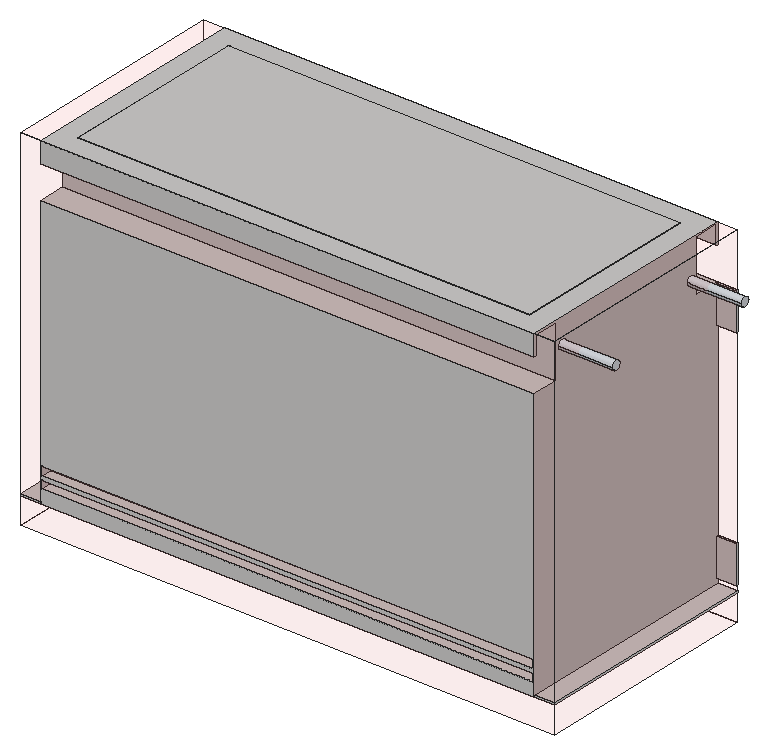
Revit family "Air-Curtain_Industrial_PoweredAire_HotWater", category Mechanical Equipment, host Face, Revit 2018
Family settings
  Host = Face
  Round Connector Dimension = Use Diameter
  Part Type = Normal
  OmniClass Number = 23.75.35.17.21
  OmniClass Title = Air Curtains
  Cut with Voids When Loaded = No
  Shared = No
  Room Calculation Point = No
Parameters
  upperrotation [instance] = if(Upper Pipe Connection Side A, 0.00°, 180.00°)  # 0.00°
  topbracket [instance] = and(Unit Height = 1' 4 3/4", Unit Depth = 1' 11 3/4")  # yes
  lowerrotation [instance] = if(Lower Pipe Connection Side A, 0.00°, 180.00°)  # 0.00°
  locateupperpipe [instance] = if(Upper Pipe Connection Side A, 0' 0", Nozzle Width)  # 0' - 0"
  locatelowerpipe [instance] = if(Lower Pipe Connection Side A, 0' 0", Nozzle Width)  # 0' - 0"
  Warranty Duration (Years) = 0
  Upper Pipe Connection Side A [instance] = yes
  Unit Width Notes = "Other Widths available."  # constant formula
  Unit Width = 3' - 3"
  Unit Weight = 0
  Unit Height = 1' - 4 3/4"
  Unit Depth = 1' - 11 3/4"
  URL = "http://www.poweredaire.com/"
  Test Data = ""
  Standards Conformance = "as Specified"
  Specification = "http://www.arcat.com/sdspecs/htm04/23_34_33pai.htm"
  SpecWizard = ""
  Sound Pressure = "as Specified"
  Sales Information = "http://www.poweredaire.com/contact_us"
  Revision = "R1_2016-08"
  Projection from Host [instance] = 0' - 2"
  Product Properties = ""
  Product Data = "http://www.arcat.com/arcatcos/cos47/arc47623.html"
  Power Rating = 0 W
  Piping_Water Flow [instance] = 0 GPM
  Piping_Operating Pressure [instance] = 0.00 psi
  Piping_Exit Temperature [instance] = 0 °F
  Piping_Entry Temperature [instance] = 0 °F
  Pipe OD [instance] = 5/8"
  Nozzle Width = if(1 = 1, Unit Width - 0' 3", 0' 0")  # 3' - 0"
  Mounting Width = if(1 = 1, Unit Width - 0' 1 1/2", 0' 0")  # 3' - 1 1/2"
  Mounting Height [instance] = 3' - 6"
  Motor RPM = 0
  Motor HP = 0
  Motor Count = 0
  Model = "As Specified"
  Max Height = 0' - 0"
  Manufacturer Website = "http://www.poweredaire.com/"
  Manufacturer Phone - Toll Free = "888-321-2473"
  Manufacturer Phone = "724-588-3305"
  Manufacturer Fax = "724-588-3371"
  Manufacturer Address = "109 Mortensen Rd.  Greenville, PA 16125"
  Manufacturer = "Powered Aire, Inc"
  Maintenance Schedule (Months) = 0
  Lower Pipe Connection Side A [instance] = yes
  Keynote = "23 34 33"
  Installation-Fabrication = ""
  Installation Phase = ""
  Include Clearance [instance] = yes
  Heating Element Load = 0 W
  HVAC_Temperature Rise = 0 °F
  HVAC_Outlet Volume = 0 CFM
  HVAC_Outlet Velocity Uniformity = 0
  HVAC_Outlet Velocity = 0 FPM
  HVAC_BTU Input = 0.0 Btu/h
  Green Building-LEED = "http://www.arcat.com/green/clients/leed_data_47623.html"
  Front Grating Material [instance] = Metal - Steel - PoweredAire - Stainless 304 Perforated
  Frame Finish [instance] = Metal - Steel - PoweredAire - Stainless 304
  Expected Lifespan (Years) = 0
  Electrical_Wattage [instance] = Power Rating + Heating Element Load  # 0 W
  Electrical_Voltage [instance] = 0 V
  Electrical_Phase [instance] = 1
  Electrical_Frequency [instance] = 0 Hz
  Electrical_Amperage [instance] = 0 A
  Drawn By = "Sumex Design, Inc. / Robert S. Weygant, CSI, CDT, SCIP"
  Description = "Powered Aire Air Curtain as Specified"
  Default Elevation = 0' - 0"  # constant formula
  Copyright = "©Arcat Inc."
  Construction Details = "http://www.arcat.com/details/powair/prod3336.html"
  Clearance_Top [instance] = 0' - 0"
  Clearance_Side B [instance] = 0' - 0"
  Clearance_Side A [instance] = 0' - 0"
  Clearance_Intake [instance] = 0' - 0"
  Clearance_Bottom [instance] = 0' - 0"
  Clearance Material [instance] = ARCAT Clearance
  Building Codes = ""
  Available Options [instance] = "as Specified"
  Assembly Code = "D3090400"
Reference planes (in)
  plane 1 "Center (Elevation)": y = 0.13818
  plane 2: z = 0
  plane 3 "Center (Left/Right)": x = 0
  plane 4: y = 8.51318
  plane 5: y = -8.23682
  plane 6: x = -19.5
  plane 7: x = 19.5
  plane 8: z = 25.75
  plane 9 "FF": y = -41.86182
  plane 10: z = 2
  plane 11: x = 18
  plane 12: x = -18
  plane 13: y = 8.51318
  plane 14: y = -8.23682
  plane 15: x = -19.5
  plane 16: x = 19.5
  plane 17: z = 25.75
  plane 18: x = 17.9375
  plane 19: x = -17.9375
  plane 20: x = 18
  plane 21: x = 18
  plane 22: y = 6.01318
  plane 23: y = -5.73682
Forms (in)
  Extrusion 1, solid, material "Metal - Steel - PoweredAire - Stainless 304" <- "Frame Finish"
    sketch origin (0, 0, 0) x (0, 1, 0) y (0, 0, 1)
      loop
        line (-8.23682, 2) -> (8.51318, 2) -> (8.51318, 21.8125) -> (6.51318, 21.8125) -> (6.51318, 25.625) -> (8.38818, 25.625) -> (8.38818, 24.25) -> (8.51318, 24.25) -> (8.51318, 25.75) -> (-8.23682, 25.75) -> (-8.23682, 24.25) -> (-8.11182, 24.25) -> (-8.11182, 25.625) -> (-6.23682, 25.625) -> (-6.23682, 21.8125) -> (-8.23682, 21.8125) -> (-8.23682, 2)
    from -18 to 18
  Extrusion 2, solid, material "ARCAT Clearance" <- "Clearance Material", visible <- "Include Clearance"
    sketch origin (0, 0, 0) x (0, 1, 0) y (0, 0, 1)
      loop
        line (-8.23682, 25.75) -> (-8.23682, 0) -> (8.51318, 0) -> (8.51318, 25.75) -> (-8.23682, 25.75)
    from -19.5 to 19.5
  Extrusion 3, solid, material "Metal - Steel - PoweredAire - Stainless 304" <- "Frame Finish"
    sketch origin (-15.17702, -180, 2) x (-1, 0, 0) y (0, -1, 0)
      loop
        line (-33.17702, -188.51318) -> (-33.17702, -171.76318) -> (-34.67702, -171.76318) -> (-34.67702, -188.51318) -> (-33.17702, -188.51318)
      loop
        line (2.82298, -188.51318) -> (4.32298, -188.51318) -> (4.32298, -171.76318) -> (2.82298, -171.76318) -> (2.82298, -188.51318)
    from 0 to 0.125
  Extrusion 4, solid, material "Metal - Steel - PoweredAire - Stainless 304" <- "Frame Finish", visible <- "topbracket"
    sketch origin (-11.83813, 8.51318, 48) x (-1, 0, 0) y (0, 0, 1)
      loop
        line (-29.83813, -45.5) -> (-29.83813, -42.75) -> (-31.33813, -42.75) -> (-31.33813, -45.5) -> (-29.83813, -45.5)
      loop
        line (-29.83813, -28.9375) -> (-29.83813, -26.1875) -> (-31.33813, -26.1875) -> (-31.33813, -28.9375) -> (-29.83813, -28.9375)
      loop
        line (6.16187, -45.5) -> (7.66187, -45.5) -> (7.66187, -42.75) -> (6.16187, -42.75) -> (6.16187, -45.5)
      loop
        line (6.16187, -28.9375) -> (7.66187, -28.9375) -> (7.66187, -26.1875) -> (6.16187, -26.1875) -> (6.16187, -28.9375)
    from 0 to -0.125
  Extrusion 5, void
    sketch origin (0, 0, 0) x (0, 1, 0) y (0, 0, 1)
      loop
        line (-8.23682, 3) -> (-7.23682, 3) -> (-7.23682, 4.5) -> (-8.23682, 4.5) -> (-8.23682, 3.82425) -> (-7.38364, 3.82425) -> (-7.38364, 3.57425) -> (-8.23682, 3.57425) -> (-8.23682, 3)
    from -17.9375 to 17.9375
  Extrusion 6, solid, material "Metal - Steel - PoweredAire - Stainless 304 Perforated" <- "Front Grating Material"
    sketch origin (0, -8.23682, 25.75) x (0, 1, 0) y (-1, 0, 0)
      loop
        line (15.25, 16.5) -> (1.5, 16.5) -> (1.5, -16.5) -> (15.25, -16.5) -> (15.25, 16.5)
    from 0 to 0.03125
  Sweep 7, solid
    path origin (18, 6.01318, 0) x (1, 0, 0) y (0, 1, 0)
      loop
        line (0, 0) -> (4, 0)
    profile origin (20, 6.01318, 0) x (0, 1, 0) y (0, 0, 1)
      loop
        circle (0, 23) r 0.3125
  Sweep 8, solid
    path origin (18, -5.73682, 0) x (1, 0, 0) y (0, 1, 0)
      loop
        line (0, 0) -> (4, 0)
    profile origin (20, -5.73682, 0) x (0, 1, 0) y (0, 0, 1)
      loop
        circle (0, 24) r 0.3125
Cuts and joins
  Extrusion 5 cuts Extrusion 1
Lines and regions (in)
  reference lines
    curve 1: line (18, 6.01318, 0) -> (22.75, 6.01318, 0)
    curve 2: line (18, -5.73682, 0) -> (23.75, -5.73682, 0)
Dimensions and locks (in)
  equal spacing: plane 4, plane 1 "Center (Elevation)", plane 5
  "Unit Height": plane 4 to plane 5
  equal spacing: plane 6, plane 3 "Center (Left/Right)", plane 7
  "Unit Width": plane 6 to plane 7
  "Mounting Height": plane 1 "Center (Elevation)" to plane 9 "FF"
  "Projection from Host": plane 10 to level
  "Unit Depth": plane 8 to plane 10
  locked: plane 6 to plane 12 at 1.5
  locked: plane 11 to plane 7 at 1.5
  "Clearance_Side A": plane 7 to plane 16
  "Clearance_Side B": plane 15 to plane 6
  "Clearance_Top": plane 13 to plane 4
  "Clearance_Bottom": plane 5 to plane 14
  "Clearance_Intake": plane 17 to plane 8
  plane 5 to Extrusion 1 sketch curve to Extrusion 1 sketch curve = 0' - 0 1/8" locked, 0' - 1 7/8" locked
  Extrusion 1 sketch curve to Extrusion 1 sketch curve to plane 4 = 0' - 1 7/8" locked, 0' - 0 1/8" locked
  Extrusion 4 sketch curve to Extrusion 4 sketch curve to Extrusion 4 sketch curve to Extrusion 4 sketch curve to plane 10 = 0' - 2 3/4" locked, 1' - 1 13/16" locked, 0' - 2 3/4" locked, 0' - 0 1/2" locked
  Extrusion 4 sketch curve to Extrusion 4 sketch curve to Extrusion 4 sketch curve to Extrusion 4 sketch curve = 0' - 2 3/4" locked, 1' - 1 13/16" locked, 0' - 2 3/4" locked
  locked: Extrusion 4 sketch curve to plane 10 at 0.5
  plane 8 to Extrusion 1 sketch curve to Extrusion 1 sketch curve = 0' - 0 1/8" locked, 0' - 1 3/8" locked  (x2)
  locked: Extrusion 1 sketch curve to plane 10 at 19.8125  (x2)
  Extrusion 5 sketch curve to Extrusion 5 sketch curve to Extrusion 5 sketch curve to Extrusion 5 sketch curve to plane 10 = 0' - 0.67575" locked, 0' - 0 1/4" locked, 0' - 0.57425" locked, 0' - 1" locked
  plane 5 to Extrusion 5 sketch curve to Extrusion 5 sketch curve = 0' - 0.85319" locked, 0' - 0.14681" locked
  locked: plane 19 to plane 12 at 0.0625
  locked: plane 11 to plane 18 at 0.0625
  locked: plane 4 to Extrusion 6 sketch curve at 1.5
  locked: Extrusion 6 sketch curve to plane 5 at 1.5
  locked: Extrusion 6 sketch curve to plane 11 at 1.5
  locked: plane 12 to Extrusion 6 sketch curve at 1.5
  "locateupperpipe": plane 20 to plane 11
  "locatelowerpipe": plane 21 to plane 11
  locked: plane 4 to plane 22 at 2.5
  locked: plane 23 to plane 5 at 2.5
  locked: curve 1 to Sweep 7 sketch curve at 4
  locked: curve 1 to Sweep 7 sketch curve
  locked: Sweep 7 sketch curve to plane 10 at 21
  locked: curve 2 to Sweep 8 sketch curve at 4
  locked: curve 2 to Sweep 8 sketch curve
  locked: Sweep 8 sketch curve to plane 10 at 22
  "upperrotation": angle plane 22 to curve 1
  "lowerrotation": angle plane 23 to curve 2
  aligned and locked: plane 2 to host face
  aligned and locked: level to host face
  aligned and locked: Extrusion 2 sketch curve to plane 17
  aligned and locked: plane 14 to Extrusion 2 sketch curve
  aligned and locked: level to Extrusion 2 sketch curve
  aligned and locked: Extrusion 2 sketch curve to plane 13
  aligned and locked: plane 16 to Extrusion 2
  aligned and locked: Extrusion 2 to plane 15
  aligned and locked: plane 11 to Extrusion 1
  aligned and locked: Extrusion 1 to plane 12
  aligned and locked: plane 21 to curve 2
  aligned and locked: plane 23 to curve 2
  aligned and locked: plane 22 to curve 1
  aligned and locked: plane 20 to curve 1
Automatic sketch dimensions
  host sketch curve to host sketch curve = 8' - 0"  (x2)
  Extrusion 1 sketch curve to plane 5 = 0' - 0"  (x2)
  Extrusion 1 sketch curve to plane 4 = 0' - 0"  (x2)
  Extrusion 1 sketch curve to plane 10 = 0' - 0"
  Extrusion 1 sketch curve to plane 8 = 0' - 0"
  plane 4 to Extrusion 3 sketch curve = 0' - 0"
  Extrusion 3 sketch curve to plane 7 = 0' - 0"
  plane 5 to Extrusion 3 sketch curve = 0' - 0"
  Extrusion 3 sketch curve to plane 11 = 0' - 0"
  Extrusion 3 sketch curve to plane 4 = 0' - 0"
  Extrusion 3 sketch curve to plane 12 = 0' - 0"
  Extrusion 3 sketch curve to plane 6 = 0' - 0"
  Extrusion 3 sketch curve to plane 5 = 0' - 0"
  Extrusion 4 sketch curve to plane 7 = 0' - 0"  (x2)
  Extrusion 4 sketch curve to plane 11 = 0' - 0"  (x2)
  Extrusion 4 sketch curve to plane 12 = 0' - 0"  (x2)
  Extrusion 4 sketch curve to plane 6 = 0' - 0"  (x2)
  Extrusion 5 sketch curve to plane 5 = 0' - 0"  (x2)
  Sweep 7 sketch curve to profile plane = 0' - 0"
  Sweep 8 sketch curve to profile plane = 0' - 0"
  radius of Sweep 7 sketch curve = 0' - 0 5/16"
  radius of Sweep 8 sketch curve = 0' - 0 5/16"
Connectors (in)
  piping at (22, 6.01318, 23), diameter 0.625, driven by "Pipe OD", driven by "Piping_Water Flow"
    settings: on Sweep 7, index 1, connector inside diameter 24", connector length 0' - 0", flow factor 0, pipe flow 0 GPM, pressure drop 0.00 psi, fitting loss kfactor 0, connector angle 0.00°, fixture units 0, engagement length 0' - 0", angle of deflection 0.00°, flow configuration 0, flow direction 0, fitting loss method 0, system type 29, joint type 0, gender type 0, connector reference index -1, connector utility 0, adjustable connector no, is connector primary yes, connector description "Define Supply or Return and Location"
  piping at (22, -5.73682, 24), diameter 0.625, driven by "Pipe OD", driven by "Piping_Water Flow"
    settings: on Sweep 8, index 2, connector inside diameter 24", connector length 0' - 0", flow factor 0, pipe flow 0 GPM, pressure drop 0.00 psi, fitting loss kfactor 0, connector angle 0.00°, fixture units 0, engagement length 0' - 0", angle of deflection 0.00°, flow configuration 0, flow direction 0, fitting loss method 0, system type 29, joint type 0, gender type 0, connector reference index -1, connector utility 0, adjustable connector no, is connector primary no, connector description "Define Supply or Return and Location"
  electrical at (-18, 0.13818, 21.39062), driven by "Electrical_Voltage", driven by "Electrical_Phase"
    settings: on cut or joined group of Extrusion 1, Extrusion 5, index 3, voltage 0 V, apparent load 0 VA, apparent load phase1 0 VA, apparent load phase2 0 VA, apparent load phase3 0 VA, power factor 1, load classification "Motor", number of poles 1, system type 31, power factor state 1, is connector primary yes, connector utility no, sub classification motor no, connector description ""
